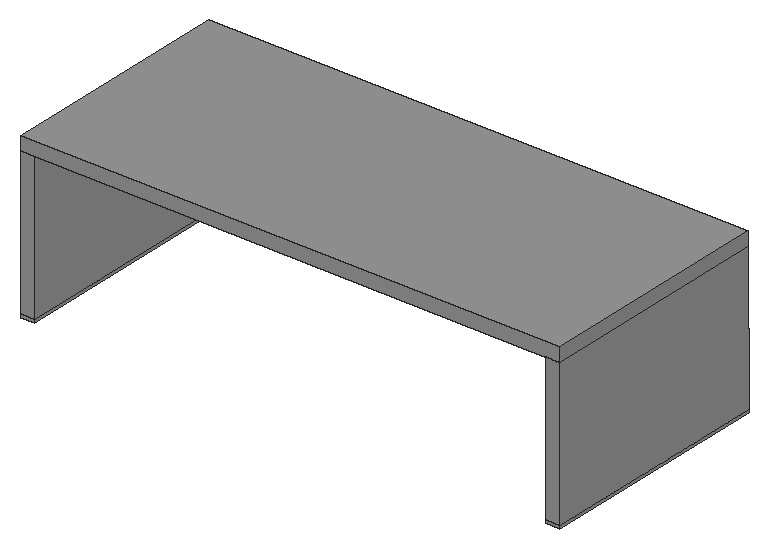
Revit family "Cocoon Community Table 42x96x29", category Generic Models, Revit 2018
Family settings
  Can host rebar = No
  Round Connector Dimension = Use Diameter
  Part Type = Normal
  Work Plane-Based = No
  Always vertical = Yes
  Cut with Voids When Loaded = No
  Shared = No
  Room Calculation Point = No
Parameters
  Frame = Cocoon Community Table 42x96x29 Frame
  Surface = Cocoon Community Table 42x96x29 Surface
Reference planes (in)
  plane 1 "Center (Front/Back)": y = 0
  plane 2: z = 0
  plane 3 "Center (Left/Right)": x = 0
Forms (in)
  Extrusion 1, solid, material "Cocoon Community Table 42x96x29 Frame" <- "Frame"
    sketch origin (0, 0, 0) x (1, 0, 0) y (0, 0, 1)
      loop
        line (-48, 0.5) -> (-48, 0) -> (-45.5, 0) -> (-45.5, 0.5) -> (-48, 0.5)
      loop
        line (48, 0.5) -> (45.5, 0.5) -> (45.5, 0) -> (48, 0) -> (48, 0.5)
    from -21 to 21
  Extrusion 2, solid, material "Cocoon Community Table 42x96x29 Surface" <- "Surface"
    sketch origin (0, 0, 0) x (1, 0, 0) y (0, 0, 1)
      loop
        line (-48, 29) -> (-48, 26.5) -> (48, 26.5) -> (48, 29) -> (-48, 29)
    from -21 to 21
  Extrusion 3, solid, material "Cocoon Community Table 42x96x29 Frame" <- "Frame"
    sketch origin (0, 0, 0) x (1, 0, 0) y (0, 0, 1)
      loop
        line (-48, 26.5) -> (-48, 0.5) -> (-45.5, 0.5) -> (-45.5, 26.5) -> (-48, 26.5)
      loop
        line (45.5, 26.5) -> (45.5, 0.5) -> (48, 0.5) -> (48, 26.5) -> (45.5, 26.5)
    from -21 to 21
  Extrusion 4, solid, material "Cocoon Community Table 42x96x29 Frame" <- "Frame"
    sketch origin (0, -90.74848, -21.58144) x (0, 1, 0) y (0, 0, 1)
      loop
        line (91.99848, 48.08144) -> (89.49848, 48.08144) -> (89.49848, 36.08144) -> (91.99848, 36.08144) -> (91.99848, 48.08144)
    from -45.5 to 45.5
Dimensions and locks (in)
  aligned and locked: level to plane 2
